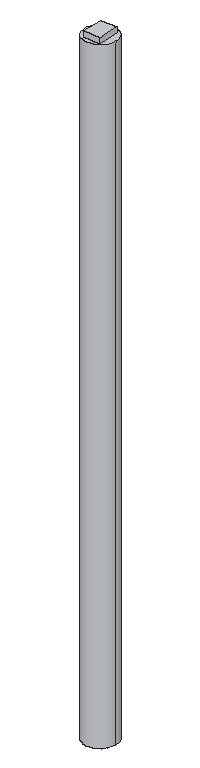
Revit family "五节苗上斜苗", category 常规模型, Revit 2022
Family settings
  可将钢筋附着到主体 = 否
  圆形连接件大小 = 使用直径
  零件类型 = 标准
  基于工作平面 = 否
  总是垂直 = 是
  加载时剪切的空心 = 否
  保持注释方向 = 否
  共享 = 否
  房间计算点 = 否
Parameters
  默认高程 = 0 mm
  榫卯深度 = 100 mm
  r = 300 mm
  L = 12000 mm
  019 = L + 榫卯深度  # 12100 mm
  018 = 1.4 * r  # 420 mm
  017 = 0.3 * r  # 90 mm
  016 = L - 榫卯深度  # 11900 mm
  015 = r  # 300 mm
  014 = r  # 300 mm
  013 = 2 * r  # 600 mm
  012 = r  # 300 mm
  011 = r / 2  # 150 mm
  010 = r / 2  # 150 mm
  009 = 2 * r  # 600 mm
  007 = 2 * r  # 600 mm
  006 = 90.00°
  005 = 90.00°
  004 = 90.00°
  003 = 90.00°
  002 = 90.00°
  001 = 90.00°
  000 = 90.00°
Reference planes
  plane 1 "中心(前/后)": y = 0
  plane 2: z = 0
  plane 3 "中心(左/右)": x = 0
Forms (mm)
  Extrusion 1, solid
    sketch origin (0, 0, 0) x (1, 0, 0) y (0, 1, 0)
      loop
        circle (0, 0) r 300
    from 0 to 12000 <- "L"
  Extrusion 2, void
    sketch origin (0, 0, 0) x (1, 0, 0) y (0, 1, 0)
      loop
        line (-300, -300) -> (300, -300) -> (300, 300) -> (150, 300) -> (150, 0) -> (-150, 0) -> (-150, 300) -> (-300, 300) -> (-300, -300)
    from 0 to 100 <- "榫卯深度"
  Extrusion 3, solid
    sketch origin (0, 0, 0) x (1, 0, 0) y (0, 1, 0)
      loop
        line (-150, 210) -> (-150, -210) -> (150, -210) -> (150, 210) -> (-150, 210)
    from 12000 <- "L" to 12100 <- "019"
Cuts and joins
  Extrusion 2 cuts Extrusion 1
Lines and regions (mm)
  reference lines
    curve 1: line (-300, 300, 0) -> (-300, -300, 0)
    curve 2: line (-300, -300, 0) -> (300, -300, 0)
    curve 3: line (300, -300, 0) -> (300, 300, 0)
    curve 4: line (300, 300, 0) -> (150, 300, 0)
    curve 5: line (150, 300, 0) -> (150, 0, 0)
    curve 6: line (150, 0, 0) -> (-150, 0, 0)
    curve 7: line (-150, 0, 0) -> (-150, 300, 0)
    curve 8: line (-150, 300, 0) -> (-300, 300, 0)
Dimensions and locks
  "007": curve 1 to curve 3
  "009": curve 8 to curve 2
  "010": curve 5 to curve 3
  "011": curve 1 to curve 7
  "012": curve 6 to curve 2
  "013": curve 4 to curve 2
  "014": curve 1 to plane 3 "中心(左/右)"
  "015": curve 8 to plane 1 "中心(前/后)"
  "017": Extrusion 3 sketch curve to curve 8
  "018": Extrusion 3 sketch curve to Extrusion 3 sketch curve
  "r": radius of Extrusion 1 sketch curve
  "001": angle curve 2 to curve 1
  "000": angle curve 3 to curve 2
  "002": angle curve 1 to curve 8
  "006": angle curve 4 to curve 3
  "003": angle curve 6 to curve 7
  "004": angle curve 5 to curve 6
  "005": angle curve 5 to curve 4
  aligned and locked: level to plane 2
  aligned and locked: Extrusion 2 sketch curve to curve 1
  aligned and locked: Extrusion 2 sketch curve to curve 3
  aligned and locked: Extrusion 2 sketch curve to curve 8
  aligned and locked: Extrusion 2 sketch curve to curve 7
  aligned and locked: Extrusion 2 sketch curve to curve 6
  aligned and locked: Extrusion 2 sketch curve to curve 5
  aligned and locked: Extrusion 2 sketch curve to curve 4
  aligned and locked: Extrusion 2 sketch curve to curve 2
  aligned and locked: Extrusion 3 sketch curve to curve 7
  aligned and locked: curve 5 to Extrusion 3 sketch curve
Automatic sketch dimensions
  plane 1 "中心(前/后)" to Extrusion 1 sketch curve = 0 mm
  Extrusion 1 sketch curve to plane 3 "中心(左/右)" = 0 mm
